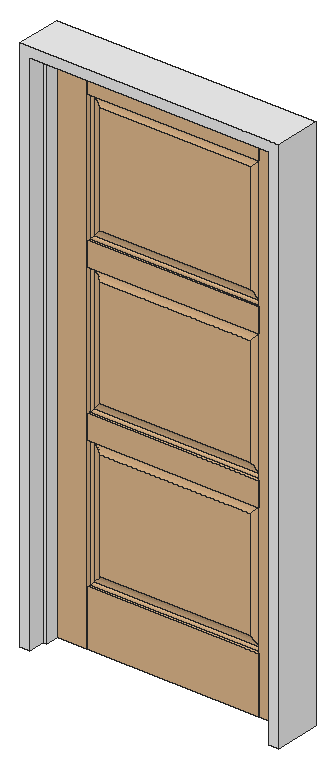
Revit family
Parameters (values of type "2 1/4" Raised Panel")
  URL = "http://www.karonadoor.com"
  Thickness Note = "Do not edit thickness."  # constant formula
  Thickness = 2.250"
  Swing Angle 2D = 90.00°
  SmartBIM Object Version = 1  # constant formula
  SmartBIM Object Created By = "Reed Construction Data"  # constant formula
  Rough Width = 0.000"
  Rough Height = 0.000"
  Panel = Panel_K5300_Karona : 2 1/4" - Raised Panel
  Model = "K5300 Ovolo"  # constant formula
  Manufacturer = "Karona , Inc."  # constant formula
  Detail Door Thickness = 2.250"
  Assembly Code = ""
  Top Rail Height = 5.000"
  Top Rail = Wood, Cherry - Grain Horizontal
  Stile Width = 5.063"
  Stile = Wood, Cherry - Grain Vertical
  Sticking = Wood, Cherry - Grain Vertical
  Middle Rail = Wood, Cherry - Grain Horizontal
  Height = 80.000"
  Wall Closure = (empty or 0)
  Width = 36.000"
  Frame = Metal
  Bottom Rail Height = 8.500"
  Bottom Rail = Wood, Cherry - Grain Horizontal
  95 CSI = "08210"  # constant formula
  04 CSI = "08 14 33"  # constant formula
Types (9): name | Thickness | Rough Height | Panel | Detail Door Thickness
  1 3/4" Flat Panel | 1.774" | 1.750" | Panel_K5300_Karona : 1 3/4" - Flat Panel | 1.750"
  1 3/8" Flat Panel | 1.334" | 0.000" | Panel_K5300_Karona : 1 3/8" - Flat Panel | 1.375"
  2 1/4" Flat Panel | 2.250" | 0.000" | Panel_K5300_Karona : 2 1/4" - Flat Panel | 2.250"
  1 3/4" Glass Panel | 1.774" | 1.750" | Panel_K5300_Karona : 1 3/4" - Glass Panel | 1.750"
  1 3/8" Glass Panel | 1.334" | 0.000" | Panel_K5300_Karona : 1 3/8" - Glass Panel | 1.375"
  2 1/4" Glass Panel | 2.250" | 0.000" | Panel_K5300_Karona : 2 1/4" - Glass Panel | 2.250"
  1 3/4" Raised Panel | 1.774" | 1.750" | Panel_K5300_Karona : 1 3/4" - Raised Panel | 1.750"
  1 3/8" Raised Panel | 1.334" | 0.000" | Panel_K5300_Karona : 1 3/8" - Raised Panel | 1.375"
  2 1/4" Raised Panel | 2.250" | 0.000" | Panel_K5300_Karona : 2 1/4" - Raised Panel | 2.250"
Reference planes (in)
  plane 1 "Center (Front/Back)": y = 0
  plane 2 "Center (Left/Right)": x = 0
  plane 3 "Left": x = -18
  plane 4 "Right": x = 18
  plane 5 "Top": z = 80
  plane 6 "Exterior Edge of Frame": y = 3.5
  plane 7 "Interior Edge of Frame": y = -3.5
  plane 8: y = 1
  plane 9: y = -1
  plane 10 "Opening Left": x = -19.5
  plane 11 "Opening Right": x = 19.5
  plane 12 "Top of Opening": z = 81.5
  plane 13: x = -17.5
Forms (in)
  Sweep 1, solid, material "Metal" <- "Frame"
    path origin (0, 0, 0) x (1, 0, 0) y (0, 0, 1)
      loop
        line (-19.5, 0) -> (-19.5, 81.5) -> (19.5, 81.5) -> (19.5, 0)
    profile origin (-19.5, 0, 40.75) x (-1, 0, 0) y (0, -1, 0)
      loop
        line (0, -3.5) -> (0, 3.5) -> (-1.5, 3.5) -> (-1.5, 1) -> (-2, 1) -> (-2, -1) -> (-1.5, -1) -> (-1.5, -3.5) -> (0, -3.5)
Lines and regions (in)
  Opening 1
    outline origin (-90, -3, 0) x (1, 0, 0) y (0, 0, 1)
      loop
        line (70.5, 0) -> (109.5, 0) -> (109.5, 81.5) -> (70.5, 81.5) -> (70.5, 0)
  symbolic lines, style "Elevation Swing"
    curve 1: line (18, 3, 0) -> (-18, 3, 40)
    curve 2: line (-18, 3, 40) -> (18, 3, 80)
Text (in)
  text "Exterior" at (-46.13199, 20.20143, 0), in view "Ref. Level"
  text "Interior" at (-46.13199, -10.56751, 0), in view "Ref. Level"
  text "Exterior" at (0, 40.15149, 123.01588), in view "Right"
  text "Interior" at (0, -64.39139, 123.01588), in view "Right"
  text "Interior" at (0, -31.01599, 123.00693), in view "Left"
  text "Exterior" at (0, 54.57065, 123.00693), in view "Left"
Dimensions and locks (in)
  "Height": level to plane 5 "Top"
  "Width": plane 3 "Left" to plane 4 "Right"
  equal spacing: host wall, curve 2, plane 5 "Top"
  locked: host wall to plane 7 "Interior Edge of Frame" at 0.5
  locked: plane 6 "Exterior Edge of Frame" to host wall at 0.5
  locked: plane 9 to plane 7 "Interior Edge of Frame" at 2.5
  locked: plane 6 "Exterior Edge of Frame" to plane 8 at 2.5
  equal spacing: plane 3 "Left", plane 2 "Center (Left/Right)", plane 4 "Right"
  locked: plane 4 "Right" to plane 11 "Opening Right" at 1.5
  locked: plane 5 "Top" to plane 12 "Top of Opening" at 1.5
  locked: plane 3 "Left" to plane 13 at 0.5
  locked: plane 10 "Opening Left" to plane 3 "Left" at 1.5
  aligned and locked: Opening 1 sketch curve to level
  aligned and locked: plane 4 "Right" to curve 1
  aligned and locked: plane 3 "Left" to curve 1
  aligned and locked: plane 5 "Top" to curve 2
  aligned and locked: Opening 1 sketch curve to plane 11 "Opening Right"
  aligned and locked: plane 12 "Top of Opening" to Opening 1 sketch curve
  aligned and locked: Opening 1 sketch curve to plane 10 "Opening Left"
  aligned and locked: plane 10 "Opening Left" to Sweep 1 sketch curve
  aligned and locked: plane 12 "Top of Opening" to Sweep 1 sketch curve
  aligned and locked: plane 11 "Opening Right" to Sweep 1 sketch curve
  aligned and locked: level to Sweep 1 sketch curve  (x2)
  aligned and locked: Sweep 1 sketch curve to plane 10 "Opening Left"
  aligned and locked: Sweep 1 sketch curve to plane 6 "Exterior Edge of Frame"
  aligned and locked: Sweep 1 sketch curve to plane 7 "Interior Edge of Frame"
  aligned and locked: Sweep 1 sketch curve to plane 8
  aligned and locked: Sweep 1 sketch curve to plane 9
  aligned and locked: plane 13 to Sweep 1 sketch curve
  aligned and locked: plane 3 "Left" to Sweep 1 sketch curve  (x2)
  aligned and locked: nested 1 to plane 2 "Center (Left/Right)"
  aligned and locked: nested 1 to plane 8  (x2)
  aligned and locked: nested 2 to plane 3 "Left"
  aligned and locked: nested 2 to plane 8
Automatic sketch dimensions
  curve 1 to level = 0.000"
  curve 2 to plane 4 "Right" = 0.000"
Nested families (in)
  nested 1: "Panel_K5300_Karona" at (-13.5, 0.8935, 0) x (-1, 0, 0) z (0, 0, 1), type <- "Panel", type "2 1/4" - Raised Panel"
  nested 2: "Door Panel Plan View" at (-31.5, 1, 0) x (-1, 0, 0) z (0, 0, 1), type "Door Panel Plan View"
    with Thickness 2.250", Height 80.000"
Definition of nested family "Panel_K5300_Karona"
  Parameters (values of type "2 1/4" - Raised Panel")
    Width = 36.000"
    Top Rail Material = Wood, Cherry - Grain Horizontal
    Top Rail Height = 5.000"
    Top Panel Offset = 14.875"
    Thickness Note = "Do not change door thickness"  # constant formula
    Thickness = 2.250"
    Stile Width = 5.063"
    Stile Material = Wood, Cherry - Grain Vertical
    Sticking Material = Wood, Cherry - Grain Vertical
    Panel Width = Width - (2 * Stile Width)  # 25.874"
    Panel Height = (Height - (Bottom Rail Height + Top Rail Height) - (2 * 3.625")) / 3  # 19.750"
    Panel = Glass-Sticking-Assembly-Ovolo_Karona : Raised Panel
    Mullion Width = 3.625"  # constant formula
    Interior Panel = Wood, Cherry - Grain Vertical
    Height = 80.000"
    Exterior Edge - Glass Bottom Offset = if(Thickness = 1.774", 0.567", if(Thickness = 2.250", 0.803", 0.469"))  # 0.803"
    Door Panel Material = Wood, Cherry - Grain Vertical
    Default Elevation = 0.000"  # constant formula
    Bottom Rail Material = Wood, Cherry - Grain Horizontal
    Bottom Rail Height = 8.500"
    Assembly Code = ""
  Types (9): name | Top Panel Offset | Thickness | Panel | Interior Panel | Exterior Edge - Glass Bottom Offset
    2 1/4" - Flat Panel | 14.875" | 2.250" | Glass-Sticking-Assembly-Ovolo_Karona : Flat Panel | Wood, Cherry - Grain Vertical | 0.803"
    2 1/4" - Glass Panel | 14.875" | 2.250" | Glass-Sticking-Assembly-Ovolo_Karona : Glass Panel | Glass | 0.803"
    2 1/4" - Raised Panel | 14.875" | 2.250" | Glass-Sticking-Assembly-Ovolo_Karona : Raised Panel | Wood, Cherry - Grain Vertical | 0.803"
    1 3/4" - Raised Panel | 16.542" | 1.774" | Glass-Sticking-Assembly-Ovolo_Karona : Raised Panel | Wood, Cherry - Grain Vertical | 0.567"
    1 3/4" - Flat Panel | 14.875" | 1.774" | Glass-Sticking-Assembly-Ovolo_Karona : Flat Panel | Wood, Cherry - Grain Vertical | 0.567"
    1 3/4" - Glass Panel | 14.875" | 1.774" | Glass-Sticking-Assembly-Ovolo_Karona : Glass Panel | Glass | 0.567"
    1 3/8" - Raised Panel | 14.875" | 1.334" | Glass-Sticking-Assembly-Ovolo_Karona : Raised Panel | Wood, Cherry - Grain Vertical | 0.469"
    1 3/8" - Glass Panel | 14.875" | 1.334" | Glass-Sticking-Assembly-Ovolo_Karona : Glass Panel | Glass | 0.469"
    1 3/8" - Flat Panel | 14.875" | 1.334" | Glass-Sticking-Assembly-Ovolo_Karona : Flat Panel | Wood, Cherry - Grain Vertical | 0.469"
  Reference planes (in)
    plane 1 "Center (Front/Back)": y = 1.2315
    plane 2: z = 0
    plane 3 "Center (Left/Right)": x = -13.5
    plane 4 "Left": x = -31.5
    plane 5: x = 4.5
    plane 6 "Inner Left": x = -26.437
    plane 7 "Inner Right": x = -0.563
    plane 8 "Bottom Of Top Rail": z = 75
    plane 9 "Top": z = 80
    plane 10 "Interior Edge of Door": y = 2.3565
    plane 11: z = 75
    plane 12 "Exterior Edge of Door": y = 0.1065
    plane 13 "Bottom of Glass": y = 0.9095
    plane 14 "Left Panel Vertical Midline": x = -13.5
    plane 15: z = 55.25
    plane 16: z = 51.625
    plane 17: z = 31.875
    plane 18: z = 28.25
    plane 19: z = 8.5
    plane 20: z = 41.75
    plane 21: z = 65.125
    plane 22: z = 18.375
  Forms (in)
    Extrusion 1, solid, material "Wood, Cherry - Grain Horizontal" <- "Bottom Rail Material"
      sketch origin (0, -101.3125, 0) x (1, 0, 0) y (0, 0, 1)
        loop
          line (-26.437, 0) -> (-0.563, 0) -> (-0.563, 8.5) -> (-26.437, 8.5) -> (-26.437, 0)
      from -103.669 to -101.419
    Extrusion 2, solid, material "Wood, Cherry - Grain Vertical" <- "Stile Material"
      sketch origin (0, 1.2315, 0) x (1, 0, 0) y (0, 0, 1)
        loop
          line (-31.5, 80) -> (-31.5, 0) -> (-26.437, 0) -> (-26.437, 80) -> (-31.5, 80)
        loop
          line (-0.563, 0) -> (4.5, 0) -> (4.5, 80) -> (-0.563, 80) -> (-0.563, 0)
      from -1.125 to 1.125
    Extrusion 3, solid, material "Wood, Cherry - Grain Horizontal" <- "Top Rail Material"
      sketch origin (0, 1.2315, 0) x (1, 0, 0) y (0, 0, 1)
        loop
          line (-26.437, 80) -> (-26.437, 75) -> (-0.563, 75) -> (-0.563, 80) -> (-26.437, 80)
      from -1.125 to 1.125
    Extrusion 4, solid, material "Wood, Cherry - Grain Horizontal" <- "Bottom Rail Material"
      sketch origin (0, 1.2315, 0) x (1, 0, 0) y (0, 0, 1)
        loop
          line (-26.437, 55.25) -> (-26.437, 51.625) -> (-0.563, 51.625) -> (-0.563, 55.25) -> (-26.437, 55.25)
        loop
          line (-26.437, 31.875) -> (-26.437, 28.25) -> (-0.563, 28.25) -> (-0.563, 31.875) -> (-26.437, 31.875)
      from -1.125 to 1.125
  Text (in)
    text "EXTERIOR" at (-34.59289, -1.27941, 0), in view "Ref. Level"
    text "EXTERIOR" at (0, -9.65287, 72.76687), in view "Left"
    text "EXTERIOR" at (0, -33.33473, 96.68074), in view "Right"
  Dimensions and locks (in)
    equal spacing: plane 4 "Left", plane 3 "Center (Left/Right)", plane 5
    "Width": plane 4 "Left" to plane 5
    "Stile Width": plane 4 "Left" to plane 6 "Inner Left"
    "Stile Width": plane 5 to plane 7 "Inner Right"
    "Top Rail Height": plane 9 "Top" to plane 8 "Bottom Of Top Rail"
    "Height": plane 9 "Top" to plane 2
    equal spacing: plane 10 "Interior Edge of Door", plane 1 "Center (Front/Back)", plane 12 "Exterior Edge of Door"
    "Thickness": plane 10 "Interior Edge of Door" to plane 12 "Exterior Edge of Door"
    "Exterior Edge - Glass Bottom Offset": plane 13 "Bottom of Glass" to plane 12 "Exterior Edge of Door"
    "Exterior Edge - Glass Bottom Offset": plane 12 "Exterior Edge of Door" to plane 13 "Bottom of Glass"
    "Mullion Width": plane 15 to plane 16
    "Mullion Width": plane 17 to plane 18
    "Bottom Rail Height": plane 19 to level
    "Panel Height": plane 11 to plane 15
    equal spacing: plane 11, plane 21, plane 15
    equal spacing: plane 16, plane 20, plane 17
    equal spacing: plane 18, plane 22, plane 19
    "Panel Height": plane 18 to plane 19
    aligned and locked: Extrusion 1 to plane 2
    aligned and locked: plane 10 "Interior Edge of Door" to Extrusion 1
    aligned and locked: plane 4 "Left" to Extrusion 2 sketch curve
    aligned and locked: Extrusion 2 sketch curve to plane 9 "Top"
    aligned and locked: Extrusion 2 sketch curve to Extrusion 1  (x3)
    aligned and locked: Extrusion 1 to Extrusion 2 sketch curve
    aligned and locked: plane 9 "Top" to Extrusion 2 sketch curve
    aligned and locked: plane 5 to Extrusion 2 sketch curve
    aligned and locked: plane 10 "Interior Edge of Door" to Extrusion 2
    aligned and locked: Extrusion 2 to Extrusion 3 sketch curve
    aligned and locked: Extrusion 3 sketch curve to Extrusion 2
    aligned and locked: plane 10 "Interior Edge of Door" to Extrusion 3
    aligned and locked: plane 11 to plane 8 "Bottom Of Top Rail"
    aligned and locked: level to plane 2
    aligned and locked: Extrusion 3 to plane 12 "Exterior Edge of Door"
    aligned and locked: Extrusion 3 to plane 10 "Interior Edge of Door"
    aligned and locked: Extrusion 2 to plane 12 "Exterior Edge of Door"
    aligned and locked: Extrusion 3 to plane 11
    aligned and locked: Extrusion 1 to Extrusion 2
    aligned and locked: nested 1 to plane 1 "Center (Front/Back)"
    aligned and locked: nested 1 to plane 14 "Left Panel Vertical Midline"
    aligned and locked: plane 14 "Left Panel Vertical Midline" to nested 2
    aligned and locked: plane 14 "Left Panel Vertical Midline" to nested 3
    aligned and locked: Extrusion 4 sketch curve to plane 15
    aligned and locked: Extrusion 4 sketch curve to plane 16
    aligned and locked: Extrusion 4 sketch curve to plane 6 "Inner Left"
    aligned and locked: Extrusion 4 sketch curve to plane 7 "Inner Right"  (x2)
    aligned and locked: plane 10 "Interior Edge of Door" to Extrusion 4
    aligned and locked: Extrusion 4 to plane 12 "Exterior Edge of Door"
    aligned and locked: plane 21 to nested 2
    aligned and locked: plane 20 to nested 3
    aligned and locked: Extrusion 4 sketch curve to plane 17
    aligned and locked: plane 18 to Extrusion 4 sketch curve
    aligned and locked: plane 6 "Inner Left" to Extrusion 4 sketch curve
    aligned and locked: plane 22 to nested 1
    aligned and locked: plane 19 to Extrusion 1
  Automatic sketch dimensions
    Extrusion 1 sketch curve to plane 6 "Inner Left" = 0.000"
    Extrusion 1 sketch curve to plane 7 "Inner Right" = 0.000"
    Extrusion 1 sketch curve to level = 0.000"
    Extrusion 3 sketch curve to plane 7 "Inner Right" = 0.000"
    plane 8 "Bottom Of Top Rail" to Extrusion 3 sketch curve = 0.000"
    level to Extrusion 1 sketch curve = 8.500"
  Nested families (in)
    nested 1: "Glass-Sticking-Assembly-Ovolo_Karona" at (-13.96875, 1.38, 8.5), Width <- "Panel Width", Height <- "Panel Height", type <- "Panel", type "Raised Panel"
      with Width 25.874", Height 19.750", Stop Adjustment 0.513", Door Thickness 2.250", C 0.437", B 0.803", A 0.431"
    nested 2: "Glass-Sticking-Assembly-Ovolo_Karona" at (-13.96875, 1.38, 55.25), Width <- "Panel Width", Height <- "Panel Height", type <- "Panel", type "Raised Panel"
      with Width 25.874", Height 19.750", Stop Adjustment 0.513", Door Thickness 2.250", C 0.437", B 0.803", A 0.431"
    nested 3: "Glass-Sticking-Assembly-Ovolo_Karona" at (-13.96875, 1.3784, 31.875), Width <- "Panel Width", Height <- "Panel Height", type <- "Panel", type "Raised Panel"
      with Width 25.874", Height 19.750", Stop Adjustment 0.513", Door Thickness 2.250", C 0.437", B 0.803", A 0.431"
  Definition of nested family "Glass-Sticking-Assembly-Ovolo_Karona"
    Parameters (values of type "Raised Panel")
      Width [instance] = 4.000"
      Vertical Profile Offset = if(Glass Panel, 0.473", 0.050")  # 0.050"
      Stop Adjustment = if(and(not(Glass Panel), Door Thickness = 1.774"), 0.513", if(and(not(Glass Panel), Door Thickness = 2.250"), 0.513", if((Glass Panel), 0.125", 0.273")))  # 0.273"
      Profile = Wood, Cherry - Grain Vertical
      Height [instance] = 23.000"
      Raised Panel = yes
      Interior Panel = Wood, Cherry - Grain Vertical
      Glass Panel = no
      Door Thickness = 1.334"
      C = if(Door Thickness = 1.774", 0.197", if(Door Thickness = 2.250", 0.437", 0.106"))  # 0.106"
      B = if(Door Thickness = 1.774", 0.567", if(Door Thickness = 2.250", 0.803", 0.469"))  # 0.469"
      Assembly Code = ""
      A = if(Door Thickness = 1.774", 0.195", if(Door Thickness = 2.250", 0.431", 0.108"))  # 0.108"
    Types (3): name | Width | Vertical Profile Offset | Stop Adjustment | Raised Panel | Glass Panel | Door Thickness | C | B | A
      Glass Panel | 5.000" | 0.473" | 0.125" | no | yes | 2.250" | 0.437" | 0.803" | 0.431"
      Flat Panel | 4.500" | 0.050" | 0.513" | no | no | 2.250" | 0.437" | 0.803" | 0.431"
      Raised Panel | 4.000" | 0.050" | 0.273" | yes | no | 1.334" | 0.106" | 0.469" | 0.108"
    Reference planes (in)
      plane 1 "Stop Adjustment Edge": y = -0.3455
      plane 2: z = 0
      plane 3 "Center (Left/Right)": x = 0.46875
      plane 4 "Back": y = 0.3945
      plane 5 "Front": y = -0.9395
      plane 6 "Left": x = -1.53125
      plane 7 "Right": x = 2.46875
      plane 8 "Top": z = 23
      plane 9 "Center (Up/Down)": z = 11.5
      plane 10 "Bottom of Stop": y = -0.0725
      plane 11 "Bottom of Glass": y = -0.4705
      plane 12 "Right Edge of Glass": x = 2.41875
      plane 13 "Left Edge of Glass": x = -1.48125
      plane 14 "Top Edge of Glass": z = 22.90625
      plane 15 "Bottom Edge of Glass": z = 0.09375
      plane 16: x = 2.34375
      plane 17 "A": y = -0.8315
      plane 18 "C": y = 0.2885
      plane 19 "Bottom Cut Line": z = 0.438
      plane 20 "Top Cut Line": z = 22.562
      plane 21 "Cut Vertical Left": x = -1.09325
      plane 22 "Cut Vertical": x = 2.03075
      plane 23 "Center (Front/Back)": y = -0.2725
    Forms (in)
      Sweep 1, solid, material "Wood, Cherry - Grain Vertical" <- "Profile"
        path origin (0, -0.3455, 0) x (1, 0, 0) y (0, 0, 1)
          loop
            line (2.46875, 23) -> (-1.53125, 23) -> (-1.53125, 0) -> (2.46875, 0) -> (2.46875, 23)
        profile origin (2.46875, -0.3455, 11.5) x (0, -1, 0) y (1, 0, 0)
          loop
            line (-0.634, 0) -> (-0.634, -0.438) -> (-0.273, -0.438) -> (-0.273, -0.05) -> (0.125, -0.05) -> (0.125, -0.44588)
            arc (0.125, -0.44588) -> (0.40126, -0.29929) -> (0.492, 0) r 0.40707
            line (0.492, 0) -> (-0.634, 0)
      Extrusion 2, solid, material "Wood, Cherry - Grain Vertical" <- "Interior Panel"
        sketch origin (0, 0, 0) x (1, 0, 0) y (0, 1, 0)
          loop
            line (-1.48125, -0.0725) -> (-1.48125, -0.4705) -> (2.41875, -0.4705) -> (2.41875, -0.0725) -> (-1.48125, -0.0725)
        from 0.09375 to 22.90625
      Extrusion 3, solid, material "Wood, Cherry - Grain Vertical" <- "Profile", visible <- "Raised Panel"
        sketch origin (0, 0, 0) x (1, 0, 0) y (0, 1, 0)
          loop
            line (2.03075, 0.2885) -> (-1.09325, 0.2885) -> (-1.09325, -0.0725) -> (2.03075, -0.0725) -> (2.03075, 0.2885)
          loop
            line (-1.09325, -0.4705) -> (-1.09325, -0.8315) -> (2.03075, -0.8315) -> (2.03075, -0.4705) -> (-1.09325, -0.4705)
        from 0.438 to 22.562
      Sweep 4, void
        path origin (0, -0.0725, 0) x (-1, 0, 0) y (0, 0, 1)
          loop
            line (1.53125, 0) -> (1.53125, 23) -> (-2.46875, 23) -> (-2.46875, 0) -> (1.53125, 0)
        profile "Profile : 05" origin (-1.53125, -0.0725, 11.5) x (1, 0, 0) y (0, 1, 0)
          loop
            line (0, 0.05) -> (0.36169, 0.05096)
            arc (0.36169, 0.05096) -> (1.01257, 0.13642) -> (1.61934, 0.387) r 2.52143
            line (1.61934, 0.387) -> (0, 0.387) -> (0, 0.05)
      Sweep 5, void
        path origin (0, -0.4705, 0) x (-1, 0, 0) y (0, 0, 1)
          loop
            line (-2.46875, 23) -> (-2.46875, 0) -> (1.53125, 0) -> (1.53125, 23) -> (-2.46875, 23)
        profile "Profile : 05" origin (2.46875, -0.4705, 11.5) x (-1, 0, 0) y (0, 1, 0)
          loop
            line (0, -0.05) -> (0, -0.387) -> (1.61934, -0.387)
            arc (1.61934, -0.387) -> (1.01257, -0.13642) -> (0.36169, -0.05096) r 2.52143
            line (0.36169, -0.05096) -> (0, -0.05)
      Sweep 6, void
        path origin (0, 0.2885, 0) x (1, 0, 0) y (0, 0, 1)
          loop
            line (-1.09325, 0.438) -> (2.03075, 0.438) -> (2.03075, 22.562) -> (-1.09325, 22.562) -> (-1.09325, 0.438)
        profile "QuarterCircleCut : QuarterCircleCut" origin (2.03075, 0.2885, 11.5) x (-1, 0, 0) y (0, -1, 0)
          loop
            arc (0.35, 0) -> (0.10251, 0.10251) -> (0, 0.35) r 0.35
            line (0, 0.35) -> (0, 0) -> (0.35, 0)
    Cuts and joins
      Sweep 4, Sweep 5 cuts Extrusion 3
      Sweep 6 cuts Sweep 1
    Text (in)
      text "INTERIOR" at (-14.3788, 3.49864, 0), in view "Ref. Level"
    Dimensions and locks (in)
      equal spacing: plane 6 "Left", plane 3 "Center (Left/Right)", plane 7 "Right"
      "Width": plane 6 "Left" to plane 7 "Right"
      "Door Thickness": plane 4 "Back" to plane 5 "Front"
      "Height": plane 8 "Top" to plane 2
      equal spacing: plane 8 "Top", plane 9 "Center (Up/Down)", level
      locked: plane 1 "Stop Adjustment Edge" to plane 11 "Bottom of Glass" at 0.125
      "Stop Adjustment": plane 10 "Bottom of Stop" to plane 1 "Stop Adjustment Edge"
      locked: plane 12 "Right Edge of Glass" to plane 7 "Right" at 0.05
      locked: plane 8 "Top" to plane 14 "Top Edge of Glass" at 0.09375
      locked: plane 15 "Bottom Edge of Glass" to level at 0.09375
      locked: plane 6 "Left" to plane 13 "Left Edge of Glass" at 0.05
      "B": plane 5 "Front" to plane 11 "Bottom of Glass"
      locked: plane 16 to plane 7 "Right" at 0.125
      "A": plane 5 "Front" to plane 17 "A"
      "C": plane 18 "C" to plane 4 "Back"
      plane 4 "Back" to Sweep 1 = 0.467"
      locked: plane 19 "Bottom Cut Line" to level at 0.438
      locked: plane 8 "Top" to plane 20 "Top Cut Line" at 0.438
      locked: plane 6 "Left" to plane 21 "Cut Vertical Left" at 0.438
      locked: plane 22 "Cut Vertical" to plane 7 "Right" at 0.438
      equal spacing: plane 4 "Back", plane 23 "Center (Front/Back)", plane 5 "Front"
      aligned and locked: Sweep 1 sketch curve to plane 7 "Right"
      aligned and locked: Sweep 1 sketch curve to plane 8 "Top"
      aligned and locked: Sweep 1 sketch curve to plane 6 "Left"
      aligned and locked: Sweep 1 sketch curve to level
      aligned and locked: plane 10 "Bottom of Stop" to Sweep 1 sketch curve
      aligned and locked: plane 11 "Bottom of Glass" to Sweep 1 sketch curve
      aligned and locked: Extrusion 2 sketch curve to plane 13 "Left Edge of Glass"
      aligned and locked: Extrusion 2 sketch curve to plane 10 "Bottom of Stop"
      aligned and locked: Extrusion 2 sketch curve to plane 11 "Bottom of Glass"
      aligned and locked: Extrusion 2 sketch curve to plane 12 "Right Edge of Glass"
      aligned and locked: plane 14 "Top Edge of Glass" to Extrusion 2
      aligned and locked: Extrusion 2 to plane 15 "Bottom Edge of Glass"
      aligned and locked: Extrusion 3 sketch curve to plane 18 "C"
      aligned and locked: Extrusion 3 sketch curve to plane 10 "Bottom of Stop"
      aligned and locked: Extrusion 3 sketch curve to plane 11 "Bottom of Glass"
      aligned and locked: Extrusion 3 sketch curve to plane 17 "A"
      aligned and locked: Extrusion 3 to plane 19 "Bottom Cut Line"
      aligned and locked: Extrusion 3 to plane 20 "Top Cut Line"
      aligned and locked: plane 12 "Right Edge of Glass" to Sweep 1 sketch curve
      aligned and locked: plane 22 "Cut Vertical" to Extrusion 3 sketch curve  (x2)
      aligned and locked: Extrusion 3 sketch curve to plane 21 "Cut Vertical Left"  (x2)
      aligned and locked: plane 22 "Cut Vertical" to Sweep 1 sketch curve
      aligned and locked: Sweep 5 sketch curve to plane 6 "Left"
      aligned and locked: plane 8 "Top" to Sweep 5 sketch curve
      aligned and locked: Sweep 5 sketch curve to plane 7 "Right"
      aligned and locked: level to Sweep 5 sketch curve
      aligned and locked: Sweep 4 sketch curve to plane 7 "Right"
      aligned and locked: plane 8 "Top" to Sweep 4 sketch curve
      aligned and locked: Sweep 4 sketch curve to plane 6 "Left"
      aligned and locked: level to Sweep 4 sketch curve
      aligned and locked: plane 18 "C" to Sweep 1 sketch curve
      aligned and locked: Sweep 6 sketch curve to plane 21 "Cut Vertical Left"
      aligned and locked: plane 22 "Cut Vertical" to Sweep 6 sketch curve
      aligned and locked: Sweep 6 sketch curve to plane 19 "Bottom Cut Line"
      aligned and locked: plane 20 "Top Cut Line" to Sweep 6 sketch curve
    Automatic sketch dimensions
      Sweep 1 sketch curve to Sweep 1 sketch curve = 0.03804"
      Sweep 1 sketch curve to Sweep 1 sketch curve = 0.367"
      plane 16 to Sweep 1 sketch curve = 0.32088"
      Sweep 1 sketch curve to profile plane = 0.000"
Definition of nested family "Door Panel Plan View"
  Parameters (values of type "Door Panel Plan View")
    Width = 36.000"
    Thickness = 2.000"
    Swing Angle 2D = 90.00°
    Height = 0.000"
    Assembly Code = ""
  Reference planes (in)
    plane 1 "Center (Front/Back)": y = 0
    plane 2: z = 0
    plane 3 "Center (Left/Right)": x = -13.5
  Lines and regions (in)
    symbolic lines, style "DoorsPanelProjection"
      curve 1: line (-13.5, 0, 0) -> (-13.5, 36, 0)
      curve 2: line (-15.5, 0, 0) -> (-15.5, 36, 0)
      curve 3: line (-13.5, 0, 0) -> (-15.5, 0, 0)
      curve 4: line (-13.5, 36, 0) -> (-15.5, 36, 0)
    symbolic lines, style "Plan Swing"
      curve 5: arc (-13.5, 36, 0) -> (-38.95584, 25.45584, 0) -> (-49.5, 0, 0) r 36
  Dimensions and locks (in)
    "Width": curve 4 to curve 3
    "Thickness": curve 1 to curve 2
    "Swing Angle 2D": angle curve 1 to plane 1 "Center (Front/Back)"
    aligned and locked: plane 1 "Center (Front/Back)" to curve 5
  Automatic sketch dimensions
    curve 3 to plane 1 "Center (Front/Back)" = 0.000"
    curve 5 to plane 3 "Center (Left/Right)" = 0.000"
    curve 3 to plane 3 "Center (Left/Right)" = 0.000"
